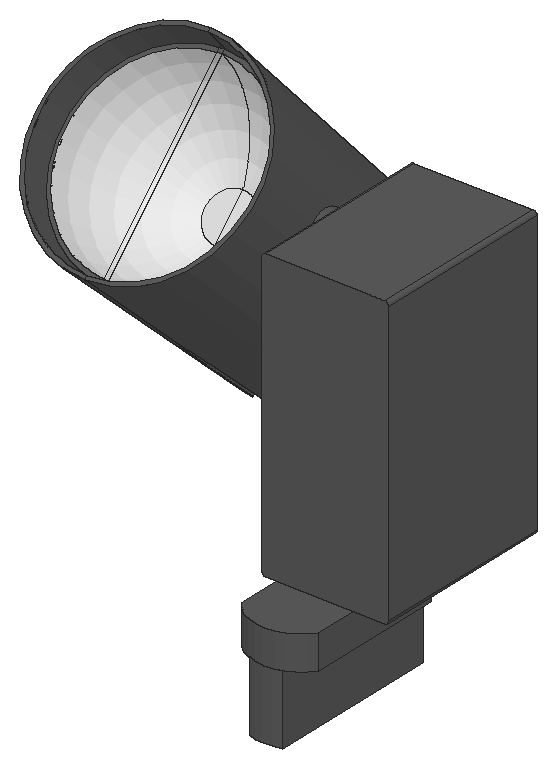
Revit family "0004835 Feilo Sylvania Lighting Fixture START TRACK SPOT S 14W 3K RA80 NB BLACK", category Lighting Fixtures, host Face, Revit 2017
Family settings
  Host = Face
  Round Connector Dimension = Use Diameter
  Part Type = Normal
  OmniClass Number = 23.80.70.00
  OmniClass Title = Lighting
  Cut with Voids When Loaded = No
  Light Source = No
  Shared = No
  Room Calculation Point = No
Parameters (values of type "0004835 START TRACK SPOT S 14W 3K RA80 NB BLACK")
  Weight = "0.94 kg"
  Wattage Comments = ""
  WarrantyStartDate [instance] = "n/a"
  WarrantyGuarantorParts = "n/a"
  WarrantyDurationUnit = "n/a"
  WarrantyDurationParts = "n/a"
  WarrantyDescription = "n/a"
  Voltage = 230 V
  URL = "http://www.sylvania-lighting.com"
  TypeName = "START TRACK SPOT S 14W 3K RA80 NB BLACK"
  TypeHead_FEILO = Start Track Spot Head : 0004835 START TRACK SPOT S 14W 3K RA80 NB BLACK
  TypeBox_FEILO = Start Track Spot Box : Type Small Black
  Type Image = <None>
  Type Comments = "n/a"
  VerticalRotation_FEILO [instance] = 0.00°
  SlideEndAngle_FEILO [instance] = VerticalRotation_FEILO + 180.00°  # 180.00°
  SerialNumber [instance] = "n/a"
  Material_3_FEILO = none
  PowerFactor = 0.92
  PowerConsumption = "14 W"
  NominalLength = 0 mm
  NominalHeight = 200 mm
  NominalDepth = 140 mm
  Name = "START TRACK SPOT S 14W 3K RA80 NB BLACK"
  ModelReference = Name  # "START TRACK SPOT S 14W 3K RA80 NB BLACK"
  ModelNumber = "0004835"
  Model = Name  # "START TRACK SPOT S 14W 3K RA80 NB BLACK"
  Material = "adc12 aluminium housing, polycarbonate diffuser"
  ManufacturerName = "Feilo Sylvania"
  Manufacturer = "Feilo Sylvania"
  LuminousEfficacy = "111 lm/W"
  LuminaireType = ""
  LightOutputRatio = "100"
  LampsType = Lamp  # "LED"
  LampNominalLuminous = "1551 lm"
  LampMacAdamStep = "3"
  LampColourTemperature = "3000 K"
  LampColourRenderingIndex = "80"
  Lamp = "LED"
  Keynote = "16500"
  InstallationDate [instance] = "n/a"
  InputVoltage = "230-240V~"
  InputNominalFrequency = "50/60 Hz"
  IngressProtection = "IP20"
  ImpactProtectionIndex = "IK02"
  IfcExportType = "IfcLightFixtureType"
  IfcExportAs = "IfcLightFixtureType"
  HorizontalRotation_FEILO [instance] = 45.00°
  ExpectedLife = 50000
  ElectricShockClassification = "Class II"
  DurationUnit = "hours"
  DocumentationLiterature = "http://www.sylvania-lighting.com/product/en-int/products/0004835"
  DimmingControlOptions = "Non dimmable"
  Material_2_FEILO = none
  Description = "Integrated LED spotlight, Textured Black - RAL9005, compact and minimalist design, ideal for retail applications, die-cast aluminium body, passive cooling heatsink. Beam angle: 12°, color temperature: 3000K , total system power: 14W, total fixture output: 1551 lm, LOR: 100%, colour rendering: Ra: 80 typical, LED Chromaticity: 3 step MacAdam ellipse, lifetime: >50000 hours at L70B50, energy class: A++, A+, A, IR/UV free light source without heat radiation, operating voltage: 220-240V / 50-60Hz, drive current: 350mA, electronic driver, non-dimmable, power factor: 0.92, electrical protection: Class II, Global Track 3 Phase adapter suitable for Global trac 3-circuit tracks, ingress protection rating: IP20, suitable for internal environment only, horizontal rotation: 355°, vertical tilt: 90°, dimensions: Ø86x140x200, weight: 0.940kg."
  Default Elevation = 1219.2 mm
  CreatedOn = "12/12/2017"
  CreatedBy = ""
  Cost = 0
  built-in parameter 1114216 [instance] = (empty or 0)
  ClassificationValue = "EF_70_80"
  ClassificationName = "Uniclass2015"
  Material_1_FEILO = Body-Sylvania-StartTrackSpot-Black
  BarCode [instance] = "n/a"
  AssetType = "Fixed"
  AssetIdentifier [instance] = "n/a"
  Assembly Code = "D5020200"
  Apparent Load = 14 VA
  Material_4_FEILO = none
Reference planes
  plane 1 "Center (Front/Back)": y = 0
  plane 2: z = 0
  plane 3 "Center (Left/Right)": x = 0
  plane 4: x = 15
  plane 5: x = -15
  plane 6: y = 35
  plane 7: y = -35
  plane 8: z = 13
  plane 9: z = -27
  plane 10: x = 6.5
  plane 11: x = -6.5
  plane 12: y = 27
  plane 13: y = -27
  plane 14: y = 20
Forms (mm)
  Extrusion 1, solid, material "Body-Sylvania-StartTrackSpot-Black" <- "Material_1_FEILO"
    sketch origin (0, 0, 0) x (1, 0, 0) y (0, 1, 0)
      loop
        line (-15, 27) -> (-15, -27)
        arc (-15, -27) -> (0, -35) -> (15, -27) r 18.062
        line (15, -27) -> (15, 27)
        arc (15, 27) -> (0, 35) -> (-15, 27) r 18.062
    from 0 to 13
  Extrusion 2, solid, material "Body-Sylvania-StartTrackSpot-Black" <- "Material_1_FEILO"
    sketch origin (0, 0, 0) x (1, 0, 0) y (0, 1, 0)
      loop
        arc (6.5, 33.79) -> (0, 35) -> (-6.5, 33.79) r 18.062
        line (-6.5, 33.79) -> (-6.5, -33.79)
        arc (-6.5, -33.79) -> (0, -35) -> (6.5, -33.79) r 18.062
        line (6.5, -33.79) -> (6.5, 33.79)
    from 0 to -27
  Revolve 3, solid, not visible
    sketch origin (1524, 20, 1219.2) x (1, 0, 0) y (0, 0, 1)
      loop
        line (-1524, -1206.2) -> (-1524, -1191.285) -> (-1530.5, -1191.285) -> (-1530.5, -1206.2) -> (-1524, -1206.2)
      axis (-1524, -1191.285) -> (-1524, -1206.2)
    angle from 0 <- "VerticalRotation_FEILO" to 180 <- "SlideEndAngle_FEILO"
Cuts and joins
  joined: Extrusion 1, Extrusion 2
Dimensions and locks
  equal spacing: plane 10, plane 3 "Center (Left/Right)", plane 11
  equal spacing: plane 4, plane 3 "Center (Left/Right)", plane 5
  locked: plane 8 to plane 2 at 13
  locked: plane 8 to plane 9 at 40
  equal spacing: plane 13, plane 1 "Center (Front/Back)", plane 12
  locked: plane 12 to plane 6 at 8
  locked: plane 14 to plane 6 at 15
  locked: Revolve 3 sketch curve to plane 8 at 14.915
  aligned and locked: plane 2 to host face
  aligned and locked: level to host face
  aligned and locked: plane 5 to Extrusion 1 sketch curve  (x2)
  aligned and locked: plane 12 to Extrusion 1 sketch curve
  aligned and locked: plane 13 to Extrusion 1 sketch curve
  aligned and locked: plane 4 to Extrusion 1 sketch curve
  aligned and locked: Extrusion 1 to plane 8
  aligned and locked: Extrusion 1 to level
  aligned and locked: Extrusion 2 sketch curve to Extrusion 1  (x2)
  aligned and locked: Extrusion 2 sketch curve to plane 11
  aligned and locked: plane 10 to Extrusion 2 sketch curve
  aligned and locked: plane 9 to Extrusion 2
  aligned and locked: level to Extrusion 2
  aligned and locked: Revolve 3 sketch curve to plane 3 "Center (Left/Right)"  (x2)
  aligned and locked: plane 11 to Revolve 3 sketch curve
  aligned and locked: Revolve 3 sketch curve to plane 8
Automatic sketch dimensions
  host sketch curve to host sketch curve = 2438.4 mm  (x2)
  Extrusion 1 sketch curve to plane 3 "Center (Left/Right)" = 0 mm  (x2)
  Extrusion 1 sketch curve to plane 13 = 10.062 mm
  plane 12 to Extrusion 1 sketch curve = 10.062 mm
  Revolve 3 sketch curve to plane 3 "Center (Left/Right)" = 0 mm
  plane 9 to Revolve 3 sketch curve = 582.6 mm
  Revolve 3 sketch curve to Revolve 3 sketch curve = 2581.144 mm
Nested families
  nested 1: "Start Track Spot Head" at (-62, 20, 112.529) x (0, 0.7071, 0.7071) z (0, 0.7071, -0.7071), type <- "TypeHead_FEILO", type "0004835 START TRACK SPOT S 14W 3K RA80 NB BLACK"
    with built-in parameter 1114216 (empty or 0)
  nested 2: "Start Track Spot Box" at (8.5, 20, 73) x (-1, 0, 0) z (0, -1, 0), BoxStartAngle_FEILO <- "HorizontalRotation_FEILO", type <- "TypeBox_FEILO", type "Type Small Black"
    with BoxStartAngle_FEILO 45.00°, BoxEndAngle_FEILO -135.00°
Connectors
  electrical at (0, 0, 0), driven by "Apparent Load", driven by "PowerFactor", driven by "Voltage"
    settings: index 1, voltage 230 V, apparent load 14 VA, apparent load phase1 0 VA, apparent load phase2 0 VA, apparent load phase3 0 VA, power factor 0.92, load classification "Lighting", number of poles 1, system type 30, power factor state 1, is connector primary yes, connector utility no, sub classification motor no, connector description ""
Definition of nested family "Start Track Spot Head"
  Parameters (values of type "0004811 START TRACK SPOT S 14W 3K RA80 NB WHITE")
    Wattage Comments = "n/a"
    Wattage = 14 W
    built-in parameter 1150110 = 1 (stored number, unit not read)
    URL = "http://www.feilosylvania.com"
    Type Image = (empty or 0)
    Type Comments = "n/a"
    built-in parameter 1114217 = 1 (stored number, unit not read)
    Tilt Angle = -90.00°
    built-in parameter 1150109 = 1 (stored number, unit not read)
    built-in parameter 1150134 = (empty or 0)
    built-in parameter 1150113 = 1 (stored number, unit not read)
    Photometric Web File = "0004811.ies"
    Material_3_FEILO = none
    Model = "START TRACK SPOT S 14W 3K RA80 NB WHITE"
    Manufacturer = "Feilo Sylvania"
    built-in parameter 1150105 = 123.66 (stored number, unit not read)
    Lumens = 1554 lm
    built-in parameter 1150115 = 1 (stored number, unit not read)
    built-in parameter 1150137 = (empty or 0)
    built-in parameter 1150139 = (empty or 0)
    built-in parameter 1150112 = 1 (stored number, unit not read)
    built-in parameter 1150114 = 1 (stored number, unit not read)
    Lamp = "LED"
    Keynote = "16500"
    Material_2_FEILO = none
    built-in parameter 1150132 = (empty or 0)
    built-in parameter 1150102 = (empty or 0)
    built-in parameter 1150107 = 3000 (stored number, unit not read)
    built-in parameter 1150138 = (empty or 0)
    built-in parameter 1150106 = 1.2366 (stored number, unit not read)
    HeadThickness_FEILO = if(HeadDiaOut_FEILO > 112 mm, 2 mm, 1.5 mm)  # 1.5 mm
    HeadRibOffset_FEILO = HeadHeight_FEILO / 28  # 4.179 mm
    HeadRibDepth_FEILO = HeadHeight_FEILO / 2.1  # 55.714 mm
    HeadRibCutWidth_FEILO = HeadDiaOut_FEILO / 12  # 7.167 mm
    HeadRibCutOffset_FEILO = HeadHeight_FEILO / 2.3  # 50.87 mm
    HeadReflectorRadius_FEILO = HeadDiaOut_FEILO / 1.7  # 50.588 mm
    HeadReflectorOffset_FEILO = HeadHeight_FEILO / 2.1  # 55.714 mm
    HeadLEDRadius_FEILO = HeadDiaOut_FEILO / 9  # 9.556 mm
    HeadHeight_FEILO = 117 mm
    HeadDraft_FEILO = 1 mm
    HeadDiffusorThickness_FEILO = 3 mm
    HeadDiffusorOffset_FEILO = HeadHeight_FEILO / 12.4  # 9.435 mm
    HeadDiaOut_FEILO = 86 mm
    HeadDiaIn_FEILO = HeadDiaOut_FEILO / 1.11  # 77.477 mm
    HeadAxisFromTop_FEILO = HeadHeight_FEILO / 1.687  # 69.354 mm
    Emit from Circle Diameter = HeadDiaIn_FEILO  # 77.477 mm
    Emit Shape Visible in Rendering = no
    built-in parameter 1150104 = 10.312 (stored number, unit not read)
    Dimming Lamp Color Temperature Shift = (empty or 0)
    Description = "Integrated LED spotlight, Textured White - RAL9016, compact and minimalist design, ideal for retail applications, die-cast aluminium body, passive cooling heatsink. Beam angle: 12°, color temperature: 3000K , total system power: 14W, total fixture output: 1551 lm, LOR: 100%, colour rendering: Ra: 80 typical, LED Chromaticity: 3 step MacAdam ellipse, lifetime: >50000 hours at L70B50, energy class: A++, A+, A, IR/UV free light source without heat radiation, operating voltage: 220-240V / 50-60Hz, drive current: 350mA, electronic driver, non-dimmable, power factor: 0.92, electrical protection: Class II, Global Track 3 Phase adapter suitable for Global trac 3-circuit tracks, ingress protection rating: IP20, suitable for internal environment only, horizontal rotation: 355°, vertical tilt: 90°, dimensions: Ø86x140x200, weight: 0.940kg."
    Default Elevation = 1219.2 mm
    Cost = 0
    Color Filter = 16777215
    built-in parameter 1114216 [instance] = (empty or 0)
    Material_1_FEILO = none
    built-in parameter 1114218 = 1 (stored number, unit not read)
    built-in parameter 1150133 = 10 (stored number, unit not read)
    Assembly Code = "D5020200"
    Apparent Load = 14 VA
    Material_4_FEILO = none
  Types (96, lengths in mm): name | Wattage | built-in parameter 1150134 | Photometric Web File | Model | built-in parameter 1150105 | Lumens | built-in parameter 1150107 | built-in parameter 1150106 | HeadThickness_FEILO | HeadRibOffset_FEILO | HeadRibDepth_FEILO | HeadRibCutWidth_FEILO | HeadRibCutOffset_FEILO | HeadReflectorRadius_FEILO | HeadReflectorOffset_FEILO | HeadLEDRadius_FEILO | HeadHeight_FEILO | HeadDiffusorOffset_FEILO | HeadDiaOut_FEILO | HeadDiaIn_FEILO | HeadAxisFromTop_FEILO | Emit from Circle Diameter | built-in parameter 1150104 | Description | Apparent Load
    0004906 START TRACK SPOT L 55W 4K RA90 WB BLACK | 55 W | 12 | "0004906.ies" | "START TRACK SPOT L 55W 4K RA90 WB BLACK" | 385.15 (stored number, unit not read) | 4840 lm | 4000 (stored number, unit not read) | 3.8515 (stored number, unit not read) | 2 | 4.429 | 59.048 | 9.417 | 53.913 | 66.471 | 59.048 | 12.556 | 124 | 10 | 113 | 101.802 | 73.503 | 101.802 | 8.1755 (stored number, unit not read) | "Integrated LED spotlight, Textured Black - RAL9005, compact and minimalist design, ideal for retail applications, die-cast aluminium body, passive cooling heatsink. Beam angle: 52°, color temperature: 4000K , total system power: 55W, total fixture output: 4824 lm, LOR: 100%, colour rendering: Ra: 90 typical, LED Chromaticity: 3 step MacAdam ellipse, lifetime: >50000 hours at L70B50, energy class: A++, A+, A, IR/UV free light source without heat radiation, operating voltage: 220-240V / 50-60Hz, drive current: 1400mA, electronic driver, non-dimmable, power factor: 0.96, electrical protection: Class II, Global Track 3 Phase adapter suitable for Global trac 3-circuit tracks, ingress protection rating: IP20, suitable for internal environment only, horizontal rotation: 355°, vertical tilt: 90°, dimensions: Ø113x164x240, weight: 1.398kg." | 55 VA
    0004905 START TRACK SPOT L 55W 4K RA90 MB BLACK | 55 W | 12 | "0004905.ies" | "START TRACK SPOT L 55W 4K RA90 MB BLACK" | 389.53 (stored number, unit not read) | 4895 lm | 4000 (stored number, unit not read) | 3.8953 (stored number, unit not read) | 2 | 4.429 | 59.048 | 9.417 | 53.913 | 66.471 | 59.048 | 12.556 | 124 | 10 | 113 | 101.802 | 73.503 | 101.802 | 8.2684 (stored number, unit not read) | "Integrated LED spotlight, Textured Black - RAL9005, compact and minimalist design, ideal for retail applications, die-cast aluminium body, passive cooling heatsink. Beam angle: 38°, color temperature: 4000K , total system power: 55W, total fixture output: 4897 lm, LOR: 100%, colour rendering: Ra: 90 typical, LED Chromaticity: 3 step MacAdam ellipse, lifetime: >50000 hours at L70B50, energy class: A++, A+, A, IR/UV free light source without heat radiation, operating voltage: 220-240V / 50-60Hz, drive current: 1400mA, electronic driver, non-dimmable, power factor: 0.96, electrical protection: Class II, Global Track 3 Phase adapter suitable for Global trac 3-circuit tracks, ingress protection rating: IP20, suitable for internal environment only, horizontal rotation: 355°, vertical tilt: 90°, dimensions: Ø113x164x240, weight: 1.398kg." | 55 VA
    0004904 START TRACK SPOT L 55W 4K RA90 NB BLACK | 55 W | 12 | "0004904.ies" | "START TRACK SPOT L 55W 4K RA90 NB BLACK" | 393.91 (stored number, unit not read) | 4950 lm | 4000 (stored number, unit not read) | 3.9391 (stored number, unit not read) | 2 | 4.429 | 59.048 | 9.417 | 53.913 | 66.471 | 59.048 | 12.556 | 124 | 10 | 113 | 101.802 | 73.503 | 101.802 | 8.3613 (stored number, unit not read) | "Integrated LED spotlight, Textured Black - RAL9005, compact and minimalist design, ideal for retail applications, die-cast aluminium body, passive cooling heatsink. Beam angle: 15°, color temperature: 4000K , total system power: 55W, total fixture output: 4965 lm, LOR: 100%, colour rendering: Ra: 90 typical, LED Chromaticity: 3 step MacAdam ellipse, lifetime: >50000 hours at L70B50, energy class: A++, A+, A, IR/UV free light source without heat radiation, operating voltage: 220-240V / 50-60Hz, drive current: 1400mA, electronic driver, non-dimmable, power factor: 0.96, electrical protection: Class II, Global Track 3 Phase adapter suitable for Global trac 3-circuit tracks, ingress protection rating: IP20, suitable for internal environment only, horizontal rotation: 355°, vertical tilt: 90°, dimensions: Ø113x164x240, weight: 1.398kg." | 55 VA
    0004903 START TRACK SPOT L 35W 4K RA90 WB BLACK | 35 W | 12 | "0004903.ies" | "START TRACK SPOT L 35W 4K RA90 WB BLACK" | 284.09 (stored number, unit not read) | 3570 lm | 4000 (stored number, unit not read) | 2.8409 (stored number, unit not read) | 2 | 4.429 | 59.048 | 9.417 | 53.913 | 66.471 | 59.048 | 12.556 | 124 | 10 | 113 | 101.802 | 73.503 | 101.802 | 9.4761 (stored number, unit not read) | "Integrated LED spotlight, Textured Black - RAL9005, compact and minimalist design, ideal for retail applications, die-cast aluminium body, passive cooling heatsink. Beam angle: 52°, color temperature: 4000K , total system power: 35W, total fixture output: 3562 lm, LOR: 100%, colour rendering: Ra: 90 typical, LED Chromaticity: 3 step MacAdam ellipse, lifetime: >50000 hours at L70B50, energy class: A++, A+, A, IR/UV free light source without heat radiation, operating voltage: 220-240V / 50-60Hz, drive current: 900mA, electronic driver, non-dimmable, power factor: 0.93, electrical protection: Class II, Global Track 3 Phase adapter suitable for Global trac 3-circuit tracks, ingress protection rating: IP20, suitable for internal environment only, horizontal rotation: 355°, vertical tilt: 90°, dimensions: Ø113x164x240, weight: 1.368kg." | 35 VA
    0004902 START TRACK SPOT L 35W 4K RA90 MB BLACK | 35 W | 12 | "0004902.ies" | "START TRACK SPOT L 35W 4K RA90 MB BLACK" | 286.88 (stored number, unit not read) | 3605 lm | 4000 (stored number, unit not read) | 2.8688 (stored number, unit not read) | 2 | 4.429 | 59.048 | 9.417 | 53.913 | 66.471 | 59.048 | 12.556 | 124 | 10 | 113 | 101.802 | 73.503 | 101.802 | 9.569 (stored number, unit not read) | "Integrated LED spotlight, Textured Black - RAL9005, compact and minimalist design, ideal for retail applications, die-cast aluminium body, passive cooling heatsink. Beam angle: 38°, color temperature: 4000K , total system power: 35W, total fixture output: 3616 lm, LOR: 100%, colour rendering: Ra: 90 typical, LED Chromaticity: 3 step MacAdam ellipse, lifetime: >50000 hours at L70B50, energy class: A++, A+, A, IR/UV free light source without heat radiation, operating voltage: 220-240V / 50-60Hz, drive current: 900mA, electronic driver, non-dimmable, power factor: 0.93, electrical protection: Class II, Global Track 3 Phase adapter suitable for Global trac 3-circuit tracks, ingress protection rating: IP20, suitable for internal environment only, horizontal rotation: 355°, vertical tilt: 90°, dimensions: Ø113x164x240, weight: 1.368kg." | 35 VA
    0004901 START TRACK SPOT L 35W 4K RA90 NB BLACK | 35 W | 12 | "0004901.ies" | "START TRACK SPOT L 35W 4K RA90 NB BLACK" | 286.88 (stored number, unit not read) | 3605 lm | 4000 (stored number, unit not read) | 2.8688 (stored number, unit not read) | 2 | 4.429 | 59.048 | 9.417 | 53.913 | 66.471 | 59.048 | 12.556 | 124 | 10 | 113 | 101.802 | 73.503 | 101.802 | 9.569 (stored number, unit not read) | "Integrated LED spotlight, Textured Black - RAL9005, compact and minimalist design, ideal for retail applications, die-cast aluminium body, passive cooling heatsink. Beam angle: 15°, color temperature: 4000K , total system power: 35W, total fixture output: 3593 lm, LOR: 100%, colour rendering: Ra: 90 typical, LED Chromaticity: 3 step MacAdam ellipse, lifetime: >50000 hours at L70B50, energy class: A++, A+, A, IR/UV free light source without heat radiation, operating voltage: 220-240V / 50-60Hz, drive current: 900mA, electronic driver, non-dimmable, power factor: 0.93, electrical protection: Class II, Global Track 3 Phase adapter suitable for Global trac 3-circuit tracks, ingress protection rating: IP20, suitable for internal environment only, horizontal rotation: 355°, vertical tilt: 90°, dimensions: Ø113x164x240, weight: 1.368kg." | 35 VA
    0004900 START TRACK SPOT S 24W 4K RA90 WB BLACK | 24 W | 12 | "0004900.ies" | "START TRACK SPOT S 24W 4K RA90 WB BLACK" | 166.16 (stored number, unit not read) | 2088 lm | 4000 (stored number, unit not read) | 1.6616 (stored number, unit not read) | 1.5 | 4.179 | 55.714 | 7.167 | 50.87 | 50.588 | 55.714 | 9.556 | 117 | 9.435 | 86 | 77.477 | 69.354 | 77.477 | 8.0826 (stored number, unit not read) | "Integrated LED spotlight, Textured Black - RAL9005, compact and minimalist design, ideal for retail applications, die-cast aluminium body, passive cooling heatsink. Beam angle: 64°, color temperature: 4000K , total system power: 24W, total fixture output: 2087 lm, LOR: 100%, colour rendering: Ra: 90 typical, LED Chromaticity: 3 step MacAdam ellipse, lifetime: >50000 hours at L70B50, energy class: A++, A+, A, IR/UV free light source without heat radiation, operating voltage: 220-240V / 50-60Hz, drive current: 600mA, electronic driver, non-dimmable, power factor: 0.95, electrical protection: Class II, Global Track 3 Phase adapter suitable for Global trac 3-circuit tracks, ingress protection rating: IP20, suitable for internal environment only, horizontal rotation: 355°, vertical tilt: 90°, dimensions: Ø86x140x200, weight: 0.966kg." | 24 VA
    0004899 START TRACK SPOT S 24W 4K RA90 MB BLACK | 24 W | 12 | "0004899.ies" | "START TRACK SPOT S 24W 4K RA90 MB BLACK" | 169.98 (stored number, unit not read) | 2136 lm | 4000 (stored number, unit not read) | 1.6998 (stored number, unit not read) | 1.5 | 4.179 | 55.714 | 7.167 | 50.87 | 50.588 | 55.714 | 9.556 | 117 | 9.435 | 86 | 77.477 | 69.354 | 77.477 | 8.2684 (stored number, unit not read) | "Integrated LED spotlight, Textured Black - RAL9005, compact and minimalist design, ideal for retail applications, die-cast aluminium body, passive cooling heatsink. Beam angle: 36°, color temperature: 4000K , total system power: 24W, total fixture output: 2141 lm, LOR: 100%, colour rendering: Ra: 90 typical, LED Chromaticity: 3 step MacAdam ellipse, lifetime: >50000 hours at L70B50, energy class: A++, A+, A, IR/UV free light source without heat radiation, operating voltage: 220-240V / 50-60Hz, drive current: 600mA, electronic driver, non-dimmable, power factor: 0.95, electrical protection: Class II, Global Track 3 Phase adapter suitable for Global trac 3-circuit tracks, ingress protection rating: IP20, suitable for internal environment only, horizontal rotation: 355°, vertical tilt: 90°, dimensions: Ø86x140x200, weight: 0.966kg." | 24 VA
    0004898 START TRACK SPOT S 24W 4K RA90 NB BLACK | 24 W | 12 | "0004898.ies" | "START TRACK SPOT S 24W 4K RA90 NB BLACK" | 171.89 (stored number, unit not read) | 2160 lm | 4000 (stored number, unit not read) | 1.7189 (stored number, unit not read) | 1.5 | 4.179 | 55.714 | 7.167 | 50.87 | 50.588 | 55.714 | 9.556 | 117 | 9.435 | 86 | 77.477 | 69.354 | 77.477 | 8.3613 (stored number, unit not read) | "Integrated LED spotlight, Textured Black - RAL9005, compact and minimalist design, ideal for retail applications, die-cast aluminium body, passive cooling heatsink. Beam angle: 12°, color temperature: 4000K , total system power: 24W, total fixture output: 2155 lm, LOR: 100%, colour rendering: Ra: 90 typical, LED Chromaticity: 3 step MacAdam ellipse, lifetime: >50000 hours at L70B50, energy class: A++, A+, A, IR/UV free light source without heat radiation, operating voltage: 220-240V / 50-60Hz, drive current: 600mA, electronic driver, non-dimmable, power factor: 0.95, electrical protection: Class II, Global Track 3 Phase adapter suitable for Global trac 3-circuit tracks, ingress protection rating: IP20, suitable for internal environment only, horizontal rotation: 355°, vertical tilt: 90°, dimensions: Ø86x140x200, weight: 0.966kg." | 24 VA
    0004897 START TRACK SPOT S 14W 4K RA90 WB BLACK | 14 W | 12 | "0004897.ies" | "START TRACK SPOT S 14W 4K RA90 WB BLACK" | 108.07 (stored number, unit not read) | 1358 lm | 4000 (stored number, unit not read) | 1.0807 (stored number, unit not read) | 1.5 | 4.179 | 55.714 | 7.167 | 50.87 | 50.588 | 55.714 | 9.556 | 117 | 9.435 | 86 | 77.477 | 69.354 | 77.477 | 9.0116 (stored number, unit not read) | "Integrated LED spotlight, Textured Black - RAL9005, compact and minimalist design, ideal for retail applications, die-cast aluminium body, passive cooling heatsink. Beam angle: 64°, color temperature: 4000K , total system power: 14W, total fixture output: 1352 lm, LOR: 100%, colour rendering: Ra: 90 typical, LED Chromaticity: 3 step MacAdam ellipse, lifetime: >50000 hours at L70B50, energy class: A++, A+, A, IR/UV free light source without heat radiation, operating voltage: 220-240V / 50-60Hz, drive current: 350mA, electronic driver, non-dimmable, power factor: 0.92, electrical protection: Class II, Global Track 3 Phase adapter suitable for Global trac 3-circuit tracks, ingress protection rating: IP20, suitable for internal environment only, horizontal rotation: 355°, vertical tilt: 90°, dimensions: Ø86x140x200, weight: 0.940kg." | 14 VA
    0004896 START TRACK SPOT S 14W 4K RA90 MB BLACK | 14 W | 12 | "0004896.ies" | "START TRACK SPOT S 14W 4K RA90 MB BLACK" | 108.07 (stored number, unit not read) | 1358 lm | 4000 (stored number, unit not read) | 1.0807 (stored number, unit not read) | 1.5 | 4.179 | 55.714 | 7.167 | 50.87 | 50.588 | 55.714 | 9.556 | 117 | 9.435 | 86 | 77.477 | 69.354 | 77.477 | 9.0116 (stored number, unit not read) | "Integrated LED spotlight, Textured Black - RAL9005, compact and minimalist design, ideal for retail applications, die-cast aluminium body, passive cooling heatsink. Beam angle: 36°, color temperature: 4000K , total system power: 14W, total fixture output: 1359 lm, LOR: 100%, colour rendering: Ra: 90 typical, LED Chromaticity: 3 step MacAdam ellipse, lifetime: >50000 hours at L70B50, energy class: A++, A+, A, IR/UV free light source without heat radiation, operating voltage: 220-240V / 50-60Hz, drive current: 350mA, electronic driver, non-dimmable, power factor: 0.92, electrical protection: Class II, Global Track 3 Phase adapter suitable for Global trac 3-circuit tracks, ingress protection rating: IP20, suitable for internal environment only, horizontal rotation: 355°, vertical tilt: 90°, dimensions: Ø86x140x200, weight: 0.940kg." | 14 VA
    0004895 START TRACK SPOT S 14W 4K RA90 NB BLACK | 14 W | 12 | "0004895.ies" | "START TRACK SPOT S 14W 4K RA90 NB BLACK" | 106.95 (stored number, unit not read) | 1344 lm | 4000 (stored number, unit not read) | 1.0695 (stored number, unit not read) | 1.5 | 4.179 | 55.714 | 7.167 | 50.87 | 50.588 | 55.714 | 9.556 | 117 | 9.435 | 86 | 77.477 | 69.354 | 77.477 | 8.9187 (stored number, unit not read) | "Integrated LED spotlight, Textured Black - RAL9005, compact and minimalist design, ideal for retail applications, die-cast aluminium body, passive cooling heatsink. Beam angle: 12°, color temperature: 4000K , total system power: 14W, total fixture output: 1349 lm, LOR: 100%, colour rendering: Ra: 90 typical, LED Chromaticity: 3 step MacAdam ellipse, lifetime: >50000 hours at L70B50, energy class: A++, A+, A, IR/UV free light source without heat radiation, operating voltage: 220-240V / 50-60Hz, drive current: 350mA, electronic driver, non-dimmable, power factor: 0.92, electrical protection: Class II, Global Track 3 Phase adapter suitable for Global trac 3-circuit tracks, ingress protection rating: IP20, suitable for internal environment only, horizontal rotation: 355°, vertical tilt: 90°, dimensions: Ø86x140x200, weight: 0.940kg." | 14 VA
    0004894 START TRACK SPOT L 55W 3K RA90 WB BLACK | 55 W | (empty or 0) | "0004894.ies" | "START TRACK SPOT L 55W 3K RA90 WB BLACK" | 350.14 (stored number, unit not read) | 4400 lm | 3000 (stored number, unit not read) | 3.5014 (stored number, unit not read) | 2 | 4.429 | 59.048 | 9.417 | 53.913 | 66.471 | 59.048 | 12.556 | 124 | 10 | 113 | 101.802 | 73.503 | 101.802 | 7.4322 (stored number, unit not read) | "Integrated LED spotlight, Textured Black - RAL9005, compact and minimalist design, ideal for retail applications, die-cast aluminium body, passive cooling heatsink. Beam angle: 52°, color temperature: 3000K , total system power: 55W, total fixture output: 4405 lm, LOR: 100%, colour rendering: Ra: 90 typical, LED Chromaticity: 3 step MacAdam ellipse, lifetime: >50000 hours at L70B50, energy class: A++, A+, A, IR/UV free light source without heat radiation, operating voltage: 220-240V / 50-60Hz, drive current: 1400mA, electronic driver, non-dimmable, power factor: 0.96, electrical protection: Class II, Global Track 3 Phase adapter suitable for Global trac 3-circuit tracks, ingress protection rating: IP20, suitable for internal environment only, horizontal rotation: 355°, vertical tilt: 90°, dimensions: Ø113x164x240, weight: 1.398kg." | 55 VA
    0004893 START TRACK SPOT L 55W 3K RA90 MB BLACK | 55 W | (empty or 0) | "0004893.ies" | "START TRACK SPOT L 55W 3K RA90 MB BLACK" | 354.52 (stored number, unit not read) | 4455 lm | 3000 (stored number, unit not read) | 3.5452 (stored number, unit not read) | 2 | 4.429 | 59.048 | 9.417 | 53.913 | 66.471 | 59.048 | 12.556 | 124 | 10 | 113 | 101.802 | 73.503 | 101.802 | 7.5251 (stored number, unit not read) | "Integrated LED spotlight, Textured Black - RAL9005, compact and minimalist design, ideal for retail applications, die-cast aluminium body, passive cooling heatsink. Beam angle: 38°, color temperature: 3000K , total system power: 55W, total fixture output: 4448 lm, LOR: 100%, colour rendering: Ra: 90 typical, LED Chromaticity: 3 step MacAdam ellipse, lifetime: >50000 hours at L70B50, energy class: A++, A+, A, IR/UV free light source without heat radiation, operating voltage: 220-240V / 50-60Hz, drive current: 1400mA, electronic driver, non-dimmable, power factor: 0.96, electrical protection: Class II, Global Track 3 Phase adapter suitable for Global trac 3-circuit tracks, ingress protection rating: IP20, suitable for internal environment only, horizontal rotation: 355°, vertical tilt: 90°, dimensions: Ø113x164x240, weight: 1.398kg." | 55 VA
    0004892 START TRACK SPOT L 55W 3K RA90 NB BLACK | 55 W | (empty or 0) | "0004892.ies" | "START TRACK SPOT L 55W 3K RA90 NB BLACK" | 350.14 (stored number, unit not read) | 4400 lm | 3000 (stored number, unit not read) | 3.5014 (stored number, unit not read) | 2 | 4.429 | 59.048 | 9.417 | 53.913 | 66.471 | 59.048 | 12.556 | 124 | 10 | 113 | 101.802 | 73.503 | 101.802 | 7.4322 (stored number, unit not read) | "Integrated LED spotlight, Textured Black - RAL9005, compact and minimalist design, ideal for retail applications, die-cast aluminium body, passive cooling heatsink. Beam angle: 15°, color temperature: 3000K , total system power: 55W, total fixture output: 4416 lm, LOR: 100%, colour rendering: Ra: 90 typical, LED Chromaticity: 3 step MacAdam ellipse, lifetime: >50000 hours at L70B50, energy class: A++, A+, A, IR/UV free light source without heat radiation, operating voltage: 220-240V / 50-60Hz, drive current: 1400mA, electronic driver, non-dimmable, power factor: 0.96, electrical protection: Class II, Global Track 3 Phase adapter suitable for Global trac 3-circuit tracks, ingress protection rating: IP20, suitable for internal environment only, horizontal rotation: 355°, vertical tilt: 90°, dimensions: Ø113x164x240, weight: 1.398kg." | 55 VA
    0004891 START TRACK SPOT L 35W 3K RA90 WB BLACK | 35 W | (empty or 0) | "0004891.ies" | "START TRACK SPOT L 35W 3K RA90 WB BLACK" | 259.02 (stored number, unit not read) | 3255 lm | 3000 (stored number, unit not read) | 2.5902 (stored number, unit not read) | 2 | 4.429 | 59.048 | 9.417 | 53.913 | 66.471 | 59.048 | 12.556 | 124 | 10 | 113 | 101.802 | 73.503 | 101.802 | 8.64 (stored number, unit not read) | "Integrated LED spotlight, Textured Black - RAL9005, compact and minimalist design, ideal for retail applications, die-cast aluminium body, passive cooling heatsink. Beam angle: 52°, color temperature: 3000K , total system power: 35W, total fixture output: 3260 lm, LOR: 100%, colour rendering: Ra: 90 typical, LED Chromaticity: 3 step MacAdam ellipse, lifetime: >50000 hours at L70B50, energy class: A++, A+, A, IR/UV free light source without heat radiation, operating voltage: 220-240V / 50-60Hz, drive current: 900mA, electronic driver, non-dimmable, power factor: 0.93, electrical protection: Class II, Global Track 3 Phase adapter suitable for Global trac 3-circuit tracks, ingress protection rating: IP20, suitable for internal environment only, horizontal rotation: 355°, vertical tilt: 90°, dimensions: Ø113x164x240, weight: 1.368kg." | 35 VA
    0004890 START TRACK SPOT L 35W 3K RA90 MB BLACK | 35 W | (empty or 0) | "0004890.ies" | "START TRACK SPOT L 35W 3K RA90 MB BLACK" | 261.81 (stored number, unit not read) | 3290 lm | 3000 (stored number, unit not read) | 2.6181 (stored number, unit not read) | 2 | 4.429 | 59.048 | 9.417 | 53.913 | 66.471 | 59.048 | 12.556 | 124 | 10 | 113 | 101.802 | 73.503 | 101.802 | 8.7329 (stored number, unit not read) | "Integrated LED spotlight, Textured Black - RAL9005, compact and minimalist design, ideal for retail applications, die-cast aluminium body, passive cooling heatsink. Beam angle: 38°, color temperature: 3000K , total system power: 35W, total fixture output: 3306 lm, LOR: 100%, colour rendering: Ra: 90 typical, LED Chromaticity: 3 step MacAdam ellipse, lifetime: >50000 hours at L70B50, energy class: A++, A+, A, IR/UV free light source without heat radiation, operating voltage: 220-240V / 50-60Hz, drive current: 900mA, electronic driver, non-dimmable, power factor: 0.93, electrical protection: Class II, Global Track 3 Phase adapter suitable for Global trac 3-circuit tracks, ingress protection rating: IP20, suitable for internal environment only, horizontal rotation: 355°, vertical tilt: 90°, dimensions: Ø113x164x240, weight: 1.368kg." | 35 VA
    0004889 START TRACK SPOT L 35W 3K RA90 NB BLACK | 35 W | (empty or 0) | "0004889.ies" | "START TRACK SPOT L 35W 3K RA90 NB BLACK" | 261.81 (stored number, unit not read) | 3290 lm | 3000 (stored number, unit not read) | 2.6181 (stored number, unit not read) | 2 | 4.429 | 59.048 | 9.417 | 53.913 | 66.471 | 59.048 | 12.556 | 124 | 10 | 113 | 101.802 | 73.503 | 101.802 | 8.7329 (stored number, unit not read) | "Integrated LED spotlight, Textured Black - RAL9005, compact and minimalist design, ideal for retail applications, die-cast aluminium body, passive cooling heatsink. Beam angle: 15°, color temperature: 3000K , total system power: 35W, total fixture output: 3287 lm, LOR: 100%, colour rendering: Ra: 90 typical, LED Chromaticity: 3 step MacAdam ellipse, lifetime: >50000 hours at L70B50, energy class: A++, A+, A, IR/UV free light source without heat radiation, operating voltage: 220-240V / 50-60Hz, drive current: 900mA, electronic driver, non-dimmable, power factor: 0.93, electrical protection: Class II, Global Track 3 Phase adapter suitable for Global trac 3-circuit tracks, ingress protection rating: IP20, suitable for internal environment only, horizontal rotation: 355°, vertical tilt: 90°, dimensions: Ø113x164x240, weight: 1.368kg." | 35 VA
    0004888 START TRACK SPOT S 24W 3K RA90 WB BLACK | 24 W | (empty or 0) | "0004888.ies" | "START TRACK SPOT S 24W 3K RA90 WB BLACK" | 152.79 (stored number, unit not read) | 1920 lm | 3000 (stored number, unit not read) | 1.5279 (stored number, unit not read) | 1.5 | 4.179 | 55.714 | 7.167 | 50.87 | 50.588 | 55.714 | 9.556 | 117 | 9.435 | 86 | 77.477 | 69.354 | 77.477 | 7.4322 (stored number, unit not read) | "Integrated LED spotlight, Textured Black - RAL9005, compact and minimalist design, ideal for retail applications, die-cast aluminium body, passive cooling heatsink. Beam angle: 64°, color temperature: 3000K , total system power: 24W, total fixture output: 1928 lm, LOR: 100%, colour rendering: Ra: 90 typical, LED Chromaticity: 3 step MacAdam ellipse, lifetime: >50000 hours at L70B50, energy class: A++, A+, A, IR/UV free light source without heat radiation, operating voltage: 220-240V / 50-60Hz, drive current: 600mA, electronic driver, non-dimmable, power factor: 0.95, electrical protection: Class II, Global Track 3 Phase adapter suitable for Global trac 3-circuit tracks, ingress protection rating: IP20, suitable for internal environment only, horizontal rotation: 355°, vertical tilt: 90°, dimensions: Ø86x140x200, weight: 0.966kg." | 24 VA
    0004887 START TRACK SPOT S 24W 3K RA90 MB BLACK | 24 W | (empty or 0) | "0004887.ies" | "START TRACK SPOT S 24W 3K RA90 MB BLACK" | 154.7 (stored number, unit not read) | 1944 lm | 3000 (stored number, unit not read) | 1.547 (stored number, unit not read) | 1.5 | 4.179 | 55.714 | 7.167 | 50.87 | 50.588 | 55.714 | 9.556 | 117 | 9.435 | 86 | 77.477 | 69.354 | 77.477 | 7.5251 (stored number, unit not read) | "Integrated LED spotlight, Textured Black - RAL9005, compact and minimalist design, ideal for retail applications, die-cast aluminium body, passive cooling heatsink. Beam angle: 36°, color temperature: 3000K , total system power: 24W, total fixture output: 1944 lm, LOR: 100%, colour rendering: Ra: 90 typical, LED Chromaticity: 3 step MacAdam ellipse, lifetime: >50000 hours at L70B50, energy class: A++, A+, A, IR/UV free light source without heat radiation, operating voltage: 220-240V / 50-60Hz, drive current: 600mA, electronic driver, non-dimmable, power factor: 0.95, electrical protection: Class II, Global Track 3 Phase adapter suitable for Global trac 3-circuit tracks, ingress protection rating: IP20, suitable for internal environment only, horizontal rotation: 355°, vertical tilt: 90°, dimensions: Ø86x140x200, weight: 0.966kg." | 24 VA
    0004886 START TRACK SPOT S 24W 3K RA90 NB BLACK | 24 W | (empty or 0) | "0004886.ies" | "START TRACK SPOT S 24W 3K RA90 NB BLACK" | 158.52 (stored number, unit not read) | 1992 lm | 3000 (stored number, unit not read) | 1.5852 (stored number, unit not read) | 1.5 | 4.179 | 55.714 | 7.167 | 50.87 | 50.588 | 55.714 | 9.556 | 117 | 9.435 | 86 | 77.477 | 69.354 | 77.477 | 7.711 (stored number, unit not read) | "Integrated LED spotlight, Textured Black - RAL9005, compact and minimalist design, ideal for retail applications, die-cast aluminium body, passive cooling heatsink. Beam angle: 12°, color temperature: 3000K , total system power: 24W, total fixture output: 1987 lm, LOR: 100%, colour rendering: Ra: 90 typical, LED Chromaticity: 3 step MacAdam ellipse, lifetime: >50000 hours at L70B50, energy class: A++, A+, A, IR/UV free light source without heat radiation, operating voltage: 220-240V / 50-60Hz, drive current: 600mA, electronic driver, non-dimmable, power factor: 0.95, electrical protection: Class II, Global Track 3 Phase adapter suitable for Global trac 3-circuit tracks, ingress protection rating: IP20, suitable for internal environment only, horizontal rotation: 355°, vertical tilt: 90°, dimensions: Ø86x140x200, weight: 0.966kg." | 24 VA
    0004885 START TRACK SPOT S 14W 3K RA90 WB BLACK | 14 W | (empty or 0) | "0004885.ies" | "START TRACK SPOT S 14W 3K RA90 WB BLACK" | 100.27 (stored number, unit not read) | 1260 lm | 3000 (stored number, unit not read) | 1.0027 (stored number, unit not read) | 1.5 | 4.179 | 55.714 | 7.167 | 50.87 | 50.588 | 55.714 | 9.556 | 117 | 9.435 | 86 | 77.477 | 69.354 | 77.477 | 8.3613 (stored number, unit not read) | "Integrated LED spotlight, Textured Black - RAL9005, compact and minimalist design, ideal for retail applications, die-cast aluminium body, passive cooling heatsink. Beam angle: 64°, color temperature: 3000K , total system power: 14W, total fixture output: 1262 lm, LOR: 100%, colour rendering: Ra: 90 typical, LED Chromaticity: 3 step MacAdam ellipse, lifetime: >50000 hours at L70B50, energy class: A++, A+, A, IR/UV free light source without heat radiation, operating voltage: 220-240V / 50-60Hz, drive current: 350mA, electronic driver, non-dimmable, power factor: 0.92, electrical protection: Class II, Global Track 3 Phase adapter suitable for Global trac 3-circuit tracks, ingress protection rating: IP20, suitable for internal environment only, horizontal rotation: 355°, vertical tilt: 90°, dimensions: Ø86x140x200, weight: 0.940kg." | 14 VA
    0004884 START TRACK SPOT S 14W 3K RA90 MB BLACK | 14 W | (empty or 0) | "0004884.ies" | "START TRACK SPOT S 14W 3K RA90 MB BLACK" | 100.27 (stored number, unit not read) | 1260 lm | 3000 (stored number, unit not read) | 1.0027 (stored number, unit not read) | 1.5 | 4.179 | 55.714 | 7.167 | 50.87 | 50.588 | 55.714 | 9.556 | 117 | 9.435 | 86 | 77.477 | 69.354 | 77.477 | 8.3613 (stored number, unit not read) | "Integrated LED spotlight, Textured Black - RAL9005, compact and minimalist design, ideal for retail applications, die-cast aluminium body, passive cooling heatsink. Beam angle: 36°, color temperature: 3000K , total system power: 14W, total fixture output: 1262 lm, LOR: 100%, colour rendering: Ra: 90 typical, LED Chromaticity: 3 step MacAdam ellipse, lifetime: >50000 hours at L70B50, energy class: A++, A+, A, IR/UV free light source without heat radiation, operating voltage: 220-240V / 50-60Hz, drive current: 350mA, electronic driver, non-dimmable, power factor: 0.92, electrical protection: Class II, Global Track 3 Phase adapter suitable for Global trac 3-circuit tracks, ingress protection rating: IP20, suitable for internal environment only, horizontal rotation: 355°, vertical tilt: 90°, dimensions: Ø86x140x200, weight: 0.940kg." | 14 VA
    0004883 START TRACK SPOT S 14W 3K RA90 NB BLACK | 14 W | (empty or 0) | "0004883.ies" | "START TRACK SPOT S 14W 3K RA90 NB BLACK" | 102.5 (stored number, unit not read) | 1288 lm | 3000 (stored number, unit not read) | 1.025 (stored number, unit not read) | 1.5 | 4.179 | 55.714 | 7.167 | 50.87 | 50.588 | 55.714 | 9.556 | 117 | 9.435 | 86 | 77.477 | 69.354 | 77.477 | 8.5471 (stored number, unit not read) | "Integrated LED spotlight, Textured Black - RAL9005, compact and minimalist design, ideal for retail applications, die-cast aluminium body, passive cooling heatsink. Beam angle: 12°, color temperature: 3000K , total system power: 14W, total fixture output: 1284 lm, LOR: 100%, colour rendering: Ra: 90 typical, LED Chromaticity: 3 step MacAdam ellipse, lifetime: >50000 hours at L70B50, energy class: A++, A+, A, IR/UV free light source without heat radiation, operating voltage: 220-240V / 50-60Hz, drive current: 350mA, electronic driver, non-dimmable, power factor: 0.92, electrical protection: Class II, Global Track 3 Phase adapter suitable for Global trac 3-circuit tracks, ingress protection rating: IP20, suitable for internal environment only, horizontal rotation: 355°, vertical tilt: 90°, dimensions: Ø86x140x200, weight: 0.940kg." | 14 VA
    0004882 START TRACK SPOT L 55W 4K RA90 WB WHITE | 55 W | 12 | "0004882.ies" | "START TRACK SPOT L 55W 4K RA90 WB WHITE" | 385.15 (stored number, unit not read) | 4840 lm | 4000 (stored number, unit not read) | 3.8515 (stored number, unit not read) | 2 | 4.429 | 59.048 | 9.417 | 53.913 | 66.471 | 59.048 | 12.556 | 124 | 10 | 113 | 101.802 | 73.503 | 101.802 | 8.1755 (stored number, unit not read) | "Integrated LED spotlight, Textured White - RAL9016, compact and minimalist design, ideal for retail applications, die-cast aluminium body, passive cooling heatsink. Beam angle: 52°, color temperature: 4000K , total system power: 55W, total fixture output: 4824 lm, LOR: 100%, colour rendering: Ra: 90 typical, LED Chromaticity: 3 step MacAdam ellipse, lifetime: >50000 hours at L70B50, energy class: A++, A+, A, IR/UV free light source without heat radiation, operating voltage: 220-240V / 50-60Hz, drive current: 1400mA, electronic driver, non-dimmable, power factor: 0.96, electrical protection: Class II, Global Track 3 Phase adapter suitable for Global trac 3-circuit tracks, ingress protection rating: IP20, suitable for internal environment only, horizontal rotation: 355°, vertical tilt: 90°, dimensions: Ø113x164x240, weight: 1.398kg." | 55 VA
    0004881 START TRACK SPOT L 55W 4K RA90 MB WHITE | 55 W | 12 | "0004881.ies" | "START TRACK SPOT L 55W 4K RA90 MB WHITE" | 389.53 (stored number, unit not read) | 4895 lm | 4000 (stored number, unit not read) | 3.8953 (stored number, unit not read) | 2 | 4.429 | 59.048 | 9.417 | 53.913 | 66.471 | 59.048 | 12.556 | 124 | 10 | 113 | 101.802 | 73.503 | 101.802 | 8.2684 (stored number, unit not read) | "Integrated LED spotlight, Textured White - RAL9016, compact and minimalist design, ideal for retail applications, die-cast aluminium body, passive cooling heatsink. Beam angle: 38°, color temperature: 4000K , total system power: 55W, total fixture output: 4897 lm, LOR: 100%, colour rendering: Ra: 90 typical, LED Chromaticity: 3 step MacAdam ellipse, lifetime: >50000 hours at L70B50, energy class: A++, A+, A, IR/UV free light source without heat radiation, operating voltage: 220-240V / 50-60Hz, drive current: 1400mA, electronic driver, non-dimmable, power factor: 0.96, electrical protection: Class II, Global Track 3 Phase adapter suitable for Global trac 3-circuit tracks, ingress protection rating: IP20, suitable for internal environment only, horizontal rotation: 355°, vertical tilt: 90°, dimensions: Ø113x164x240, weight: 1.398kg." | 55 VA
    0004880 START TRACK SPOT L 55W 4K RA90 NB WHITE | 55 W | 12 | "0004880.ies" | "START TRACK SPOT L 55W 4K RA90 NB WHITE" | 393.91 (stored number, unit not read) | 4950 lm | 4000 (stored number, unit not read) | 3.9391 (stored number, unit not read) | 2 | 4.429 | 59.048 | 9.417 | 53.913 | 66.471 | 59.048 | 12.556 | 124 | 10 | 113 | 101.802 | 73.503 | 101.802 | 8.3613 (stored number, unit not read) | "Integrated LED spotlight, Textured White - RAL9016, compact and minimalist design, ideal for retail applications, die-cast aluminium body, passive cooling heatsink. Beam angle: 15°, color temperature: 4000K , total system power: 55W, total fixture output: 4965 lm, LOR: 100%, colour rendering: Ra: 90 typical, LED Chromaticity: 3 step MacAdam ellipse, lifetime: >50000 hours at L70B50, energy class: A++, A+, A, IR/UV free light source without heat radiation, operating voltage: 220-240V / 50-60Hz, drive current: 1400mA, electronic driver, non-dimmable, power factor: 0.96, electrical protection: Class II, Global Track 3 Phase adapter suitable for Global trac 3-circuit tracks, ingress protection rating: IP20, suitable for internal environment only, horizontal rotation: 355°, vertical tilt: 90°, dimensions: Ø113x164x240, weight: 1.398kg." | 55 VA
    0004879 START TRACK SPOT L 35W 4K RA90 WB WHITE | 35 W | 12 | "0004879.ies" | "START TRACK SPOT L 35W 4K RA90 WB WHITE" | 284.09 (stored number, unit not read) | 3570 lm | 4000 (stored number, unit not read) | 2.8409 (stored number, unit not read) | 2 | 4.429 | 59.048 | 9.417 | 53.913 | 66.471 | 59.048 | 12.556 | 124 | 10 | 113 | 101.802 | 73.503 | 101.802 | 9.4761 (stored number, unit not read) | "Integrated LED spotlight, Textured White - RAL9016, compact and minimalist design, ideal for retail applications, die-cast aluminium body, passive cooling heatsink. Beam angle: 52°, color temperature: 4000K , total system power: 35W, total fixture output: 3562 lm, LOR: 100%, colour rendering: Ra: 90 typical, LED Chromaticity: 3 step MacAdam ellipse, lifetime: >50000 hours at L70B50, energy class: A++, A+, A, IR/UV free light source without heat radiation, operating voltage: 220-240V / 50-60Hz, drive current: 900mA, electronic driver, non-dimmable, power factor: 0.93, electrical protection: Class II, Global Track 3 Phase adapter suitable for Global trac 3-circuit tracks, ingress protection rating: IP20, suitable for internal environment only, horizontal rotation: 355°, vertical tilt: 90°, dimensions: Ø113x164x240, weight: 1.368kg." | 35 VA
    0004878 START TRACK SPOT L 35W 4K RA90 MB WHITE | 35 W | 12 | "0004878.ies" | "START TRACK SPOT L 35W 4K RA90 MB WHITE" | 286.88 (stored number, unit not read) | 3605 lm | 4000 (stored number, unit not read) | 2.8688 (stored number, unit not read) | 2 | 4.429 | 59.048 | 9.417 | 53.913 | 66.471 | 59.048 | 12.556 | 124 | 10 | 113 | 101.802 | 73.503 | 101.802 | 9.569 (stored number, unit not read) | "Integrated LED spotlight, Textured White - RAL9016, compact and minimalist design, ideal for retail applications, die-cast aluminium body, passive cooling heatsink. Beam angle: 38°, color temperature: 4000K , total system power: 35W, total fixture output: 3616 lm, LOR: 100%, colour rendering: Ra: 90 typical, LED Chromaticity: 3 step MacAdam ellipse, lifetime: >50000 hours at L70B50, energy class: A++, A+, A, IR/UV free light source without heat radiation, operating voltage: 220-240V / 50-60Hz, drive current: 900mA, electronic driver, non-dimmable, power factor: 0.93, electrical protection: Class II, Global Track 3 Phase adapter suitable for Global trac 3-circuit tracks, ingress protection rating: IP20, suitable for internal environment only, horizontal rotation: 355°, vertical tilt: 90°, dimensions: Ø113x164x240, weight: 1.368kg." | 35 VA
    0004877 START TRACK SPOT L 35W 4K RA90 NB WHITE | 35 W | 12 | "0004877.ies" | "START TRACK SPOT L 35W 4K RA90 NB WHITE" | 286.88 (stored number, unit not read) | 3605 lm | 4000 (stored number, unit not read) | 2.8688 (stored number, unit not read) | 2 | 4.429 | 59.048 | 9.417 | 53.913 | 66.471 | 59.048 | 12.556 | 124 | 10 | 113 | 101.802 | 73.503 | 101.802 | 9.569 (stored number, unit not read) | "Integrated LED spotlight, Textured White - RAL9016, compact and minimalist design, ideal for retail applications, die-cast aluminium body, passive cooling heatsink. Beam angle: 15°, color temperature: 4000K , total system power: 35W, total fixture output: 3593 lm, LOR: 100%, colour rendering: Ra: 90 typical, LED Chromaticity: 3 step MacAdam ellipse, lifetime: >50000 hours at L70B50, energy class: A++, A+, A, IR/UV free light source without heat radiation, operating voltage: 220-240V / 50-60Hz, drive current: 900mA, electronic driver, non-dimmable, power factor: 0.93, electrical protection: Class II, Global Track 3 Phase adapter suitable for Global trac 3-circuit tracks, ingress protection rating: IP20, suitable for internal environment only, horizontal rotation: 355°, vertical tilt: 90°, dimensions: Ø113x164x240, weight: 1.368kg." | 35 VA
    0004876 START TRACK SPOT S 24W 4K RA90 WB WHITE | 24 W | 12 | "0004876.ies" | "START TRACK SPOT S 24W 4K RA90 WB WHITE" | 166.16 (stored number, unit not read) | 2088 lm | 4000 (stored number, unit not read) | 1.6616 (stored number, unit not read) | 1.5 | 4.179 | 55.714 | 7.167 | 50.87 | 50.588 | 55.714 | 9.556 | 117 | 9.435 | 86 | 77.477 | 69.354 | 77.477 | 8.0826 (stored number, unit not read) | "Integrated LED spotlight, Textured White - RAL9016, compact and minimalist design, ideal for retail applications, die-cast aluminium body, passive cooling heatsink. Beam angle: 64°, color temperature: 4000K , total system power: 24W, total fixture output: 2087 lm, LOR: 100%, colour rendering: Ra: 90 typical, LED Chromaticity: 3 step MacAdam ellipse, lifetime: >50000 hours at L70B50, energy class: A++, A+, A, IR/UV free light source without heat radiation, operating voltage: 220-240V / 50-60Hz, drive current: 600mA, electronic driver, non-dimmable, power factor: 0.95, electrical protection: Class II, Global Track 3 Phase adapter suitable for Global trac 3-circuit tracks, ingress protection rating: IP20, suitable for internal environment only, horizontal rotation: 355°, vertical tilt: 90°, dimensions: Ø86x140x200, weight: 0.966kg." | 24 VA
    0004875 START TRACK SPOT S 24W 4K RA90 MB WHITE | 24 W | 12 | "0004875.ies" | "START TRACK SPOT S 24W 4K RA90 MB WHITE" | 169.98 (stored number, unit not read) | 2136 lm | 4000 (stored number, unit not read) | 1.6998 (stored number, unit not read) | 1.5 | 4.179 | 55.714 | 7.167 | 50.87 | 50.588 | 55.714 | 9.556 | 117 | 9.435 | 86 | 77.477 | 69.354 | 77.477 | 8.2684 (stored number, unit not read) | "Integrated LED spotlight, Textured White - RAL9016, compact and minimalist design, ideal for retail applications, die-cast aluminium body, passive cooling heatsink. Beam angle: 36°, color temperature: 4000K , total system power: 24W, total fixture output: 2141 lm, LOR: 100%, colour rendering: Ra: 90 typical, LED Chromaticity: 3 step MacAdam ellipse, lifetime: >50000 hours at L70B50, energy class: A++, A+, A, IR/UV free light source without heat radiation, operating voltage: 220-240V / 50-60Hz, drive current: 600mA, electronic driver, non-dimmable, power factor: 0.95, electrical protection: Class II, Global Track 3 Phase adapter suitable for Global trac 3-circuit tracks, ingress protection rating: IP20, suitable for internal environment only, horizontal rotation: 355°, vertical tilt: 90°, dimensions: Ø86x140x200, weight: 0.966kg." | 24 VA
    0004874 START TRACK SPOT S 24W 4K RA90 NB WHITE | 24 W | 12 | "0004874.ies" | "START TRACK SPOT S 24W 4K RA90 NB WHITE" | 171.89 (stored number, unit not read) | 2160 lm | 4000 (stored number, unit not read) | 1.7189 (stored number, unit not read) | 1.5 | 4.179 | 55.714 | 7.167 | 50.87 | 50.588 | 55.714 | 9.556 | 117 | 9.435 | 86 | 77.477 | 69.354 | 77.477 | 8.3613 (stored number, unit not read) | "Integrated LED spotlight, Textured White - RAL9016, compact and minimalist design, ideal for retail applications, die-cast aluminium body, passive cooling heatsink. Beam angle: 12°, color temperature: 4000K , total system power: 24W, total fixture output: 2155 lm, LOR: 100%, colour rendering: Ra: 90 typical, LED Chromaticity: 3 step MacAdam ellipse, lifetime: >50000 hours at L70B50, energy class: A++, A+, A, IR/UV free light source without heat radiation, operating voltage: 220-240V / 50-60Hz, drive current: 600mA, electronic driver, non-dimmable, power factor: 0.95, electrical protection: Class II, Global Track 3 Phase adapter suitable for Global trac 3-circuit tracks, ingress protection rating: IP20, suitable for internal environment only, horizontal rotation: 355°, vertical tilt: 90°, dimensions: Ø86x140x200, weight: 0.966kg." | 24 VA
    0004873 START TRACK SPOT S 14W 4K RA90 WB WHITE | 14 W | 12 | "0004873.ies" | "START TRACK SPOT S 14W 4K RA90 WB WHITE" | 108.07 (stored number, unit not read) | 1358 lm | 4000 (stored number, unit not read) | 1.0807 (stored number, unit not read) | 1.5 | 4.179 | 55.714 | 7.167 | 50.87 | 50.588 | 55.714 | 9.556 | 117 | 9.435 | 86 | 77.477 | 69.354 | 77.477 | 9.0116 (stored number, unit not read) | "Integrated LED spotlight, Textured White - RAL9016, compact and minimalist design, ideal for retail applications, die-cast aluminium body, passive cooling heatsink. Beam angle: 64°, color temperature: 4000K , total system power: 14W, total fixture output: 1352 lm, LOR: 100%, colour rendering: Ra: 90 typical, LED Chromaticity: 3 step MacAdam ellipse, lifetime: >50000 hours at L70B50, energy class: A++, A+, A, IR/UV free light source without heat radiation, operating voltage: 220-240V / 50-60Hz, drive current: 350mA, electronic driver, non-dimmable, power factor: 0.92, electrical protection: Class II, Global Track 3 Phase adapter suitable for Global trac 3-circuit tracks, ingress protection rating: IP20, suitable for internal environment only, horizontal rotation: 355°, vertical tilt: 90°, dimensions: Ø86x140x200, weight: 0.940kg." | 14 VA
    0004872 START TRACK SPOT S 14W 4K RA90 MB WHITE | 14 W | 12 | "0004872.ies" | "START TRACK SPOT S 14W 4K RA90 MB WHITE" | 108.07 (stored number, unit not read) | 1358 lm | 4000 (stored number, unit not read) | 1.0807 (stored number, unit not read) | 1.5 | 4.179 | 55.714 | 7.167 | 50.87 | 50.588 | 55.714 | 9.556 | 117 | 9.435 | 86 | 77.477 | 69.354 | 77.477 | 9.0116 (stored number, unit not read) | "Integrated LED spotlight, Textured White - RAL9016, compact and minimalist design, ideal for retail applications, die-cast aluminium body, passive cooling heatsink. Beam angle: 36°, color temperature: 4000K , total system power: 14W, total fixture output: 1359 lm, LOR: 100%, colour rendering: Ra: 90 typical, LED Chromaticity: 3 step MacAdam ellipse, lifetime: >50000 hours at L70B50, energy class: A++, A+, A, IR/UV free light source without heat radiation, operating voltage: 220-240V / 50-60Hz, drive current: 350mA, electronic driver, non-dimmable, power factor: 0.92, electrical protection: Class II, Global Track 3 Phase adapter suitable for Global trac 3-circuit tracks, ingress protection rating: IP20, suitable for internal environment only, horizontal rotation: 355°, vertical tilt: 90°, dimensions: Ø86x140x200, weight: 0.940kg." | 14 VA
    0004871 START TRACK SPOT S 14W 4K RA90 NB WHITE | 14 W | 12 | "0004871.ies" | "START TRACK SPOT S 14W 4K RA90 NB WHITE" | 106.95 (stored number, unit not read) | 1344 lm | 4000 (stored number, unit not read) | 1.0695 (stored number, unit not read) | 1.5 | 4.179 | 55.714 | 7.167 | 50.87 | 50.588 | 55.714 | 9.556 | 117 | 9.435 | 86 | 77.477 | 69.354 | 77.477 | 8.9187 (stored number, unit not read) | "Integrated LED spotlight, Textured White - RAL9016, compact and minimalist design, ideal for retail applications, die-cast aluminium body, passive cooling heatsink. Beam angle: 12°, color temperature: 4000K , total system power: 14W, total fixture output: 1349 lm, LOR: 100%, colour rendering: Ra: 90 typical, LED Chromaticity: 3 step MacAdam ellipse, lifetime: >50000 hours at L70B50, energy class: A++, A+, A, IR/UV free light source without heat radiation, operating voltage: 220-240V / 50-60Hz, drive current: 350mA, electronic driver, non-dimmable, power factor: 0.92, electrical protection: Class II, Global Track 3 Phase adapter suitable for Global trac 3-circuit tracks, ingress protection rating: IP20, suitable for internal environment only, horizontal rotation: 355°, vertical tilt: 90°, dimensions: Ø86x140x200, weight: 0.940kg." | 14 VA
    0004870 START TRACK SPOT L 55W 3K RA90 WB WHITE | 55 W | (empty or 0) | "0004870.ies" | "START TRACK SPOT L 55W 3K RA90 WB WHITE" | 350.14 (stored number, unit not read) | 4400 lm | 3000 (stored number, unit not read) | 3.5014 (stored number, unit not read) | 2 | 4.429 | 59.048 | 9.417 | 53.913 | 66.471 | 59.048 | 12.556 | 124 | 10 | 113 | 101.802 | 73.503 | 101.802 | 7.4322 (stored number, unit not read) | "Integrated LED spotlight, Textured White - RAL9016, compact and minimalist design, ideal for retail applications, die-cast aluminium body, passive cooling heatsink. Beam angle: 52°, color temperature: 3000K , total system power: 55W, total fixture output: 4405 lm, LOR: 100%, colour rendering: Ra: 90 typical, LED Chromaticity: 3 step MacAdam ellipse, lifetime: >50000 hours at L70B50, energy class: A++, A+, A, IR/UV free light source without heat radiation, operating voltage: 220-240V / 50-60Hz, drive current: 1400mA, electronic driver, non-dimmable, power factor: 0.96, electrical protection: Class II, Global Track 3 Phase adapter suitable for Global trac 3-circuit tracks, ingress protection rating: IP20, suitable for internal environment only, horizontal rotation: 355°, vertical tilt: 90°, dimensions: Ø113x164x240, weight: 1.398kg." | 55 VA
    0004869 START TRACK SPOT L 55W 3K RA90 MB WHITE | 55 W | (empty or 0) | "0004869.ies" | "START TRACK SPOT L 55W 3K RA90 MB WHITE" | 354.52 (stored number, unit not read) | 4455 lm | 3000 (stored number, unit not read) | 3.5452 (stored number, unit not read) | 2 | 4.429 | 59.048 | 9.417 | 53.913 | 66.471 | 59.048 | 12.556 | 124 | 10 | 113 | 101.802 | 73.503 | 101.802 | 7.5251 (stored number, unit not read) | "Integrated LED spotlight, Textured White - RAL9016, compact and minimalist design, ideal for retail applications, die-cast aluminium body, passive cooling heatsink. Beam angle: 38°, color temperature: 3000K , total system power: 55W, total fixture output: 4448 lm, LOR: 100%, colour rendering: Ra: 90 typical, LED Chromaticity: 3 step MacAdam ellipse, lifetime: >50000 hours at L70B50, energy class: A++, A+, A, IR/UV free light source without heat radiation, operating voltage: 220-240V / 50-60Hz, drive current: 1400mA, electronic driver, non-dimmable, power factor: 0.96, electrical protection: Class II, Global Track 3 Phase adapter suitable for Global trac 3-circuit tracks, ingress protection rating: IP20, suitable for internal environment only, horizontal rotation: 355°, vertical tilt: 90°, dimensions: Ø113x164x240, weight: 1.398kg." | 55 VA
    0004868 START TRACK SPOT L 55W 3K RA90 NB WHITE | 55 W | (empty or 0) | "0004868.ies" | "START TRACK SPOT L 55W 3K RA90 NB WHITE" | 350.14 (stored number, unit not read) | 4400 lm | 3000 (stored number, unit not read) | 3.5014 (stored number, unit not read) | 2 | 4.429 | 59.048 | 9.417 | 53.913 | 66.471 | 59.048 | 12.556 | 124 | 10 | 113 | 101.802 | 73.503 | 101.802 | 7.4322 (stored number, unit not read) | "Integrated LED spotlight, Textured White - RAL9016, compact and minimalist design, ideal for retail applications, die-cast aluminium body, passive cooling heatsink. Beam angle: 15°, color temperature: 3000K , total system power: 55W, total fixture output: 4416 lm, LOR: 100%, colour rendering: Ra: 90 typical, LED Chromaticity: 3 step MacAdam ellipse, lifetime: >50000 hours at L70B50, energy class: A++, A+, A, IR/UV free light source without heat radiation, operating voltage: 220-240V / 50-60Hz, drive current: 1400mA, electronic driver, non-dimmable, power factor: 0.96, electrical protection: Class II, Global Track 3 Phase adapter suitable for Global trac 3-circuit tracks, ingress protection rating: IP20, suitable for internal environment only, horizontal rotation: 355°, vertical tilt: 90°, dimensions: Ø113x164x240, weight: 1.398kg." | 55 VA
    0004867 START TRACK SPOT L 35W 3K RA90 WB WHITE | 35 W | (empty or 0) | "0004867.ies" | "START TRACK SPOT L 35W 3K RA90 WB WHITE" | 259.02 (stored number, unit not read) | 3255 lm | 3000 (stored number, unit not read) | 2.5902 (stored number, unit not read) | 2 | 4.429 | 59.048 | 9.417 | 53.913 | 66.471 | 59.048 | 12.556 | 124 | 10 | 113 | 101.802 | 73.503 | 101.802 | 8.64 (stored number, unit not read) | "Integrated LED spotlight, Textured White - RAL9016, compact and minimalist design, ideal for retail applications, die-cast aluminium body, passive cooling heatsink. Beam angle: 52°, color temperature: 3000K , total system power: 35W, total fixture output: 3260 lm, LOR: 100%, colour rendering: Ra: 90 typical, LED Chromaticity: 3 step MacAdam ellipse, lifetime: >50000 hours at L70B50, energy class: A++, A+, A, IR/UV free light source without heat radiation, operating voltage: 220-240V / 50-60Hz, drive current: 900mA, electronic driver, non-dimmable, power factor: 0.93, electrical protection: Class II, Global Track 3 Phase adapter suitable for Global trac 3-circuit tracks, ingress protection rating: IP20, suitable for internal environment only, horizontal rotation: 355°, vertical tilt: 90°, dimensions: Ø113x164x240, weight: 1.368kg." | 35 VA
    0004866 START TRACK SPOT L 35W 3K RA90 MB WHITE | 35 W | (empty or 0) | "0004866.ies" | "START TRACK SPOT L 35W 3K RA90 MB WHITE" | 261.81 (stored number, unit not read) | 3290 lm | 3000 (stored number, unit not read) | 2.6181 (stored number, unit not read) | 2 | 4.429 | 59.048 | 9.417 | 53.913 | 66.471 | 59.048 | 12.556 | 124 | 10 | 113 | 101.802 | 73.503 | 101.802 | 8.7329 (stored number, unit not read) | "Integrated LED spotlight, Textured White - RAL9016, compact and minimalist design, ideal for retail applications, die-cast aluminium body, passive cooling heatsink. Beam angle: 38°, color temperature: 3000K , total system power: 35W, total fixture output: 3306 lm, LOR: 100%, colour rendering: Ra: 90 typical, LED Chromaticity: 3 step MacAdam ellipse, lifetime: >50000 hours at L70B50, energy class: A++, A+, A, IR/UV free light source without heat radiation, operating voltage: 220-240V / 50-60Hz, drive current: 900mA, electronic driver, non-dimmable, power factor: 0.93, electrical protection: Class II, Global Track 3 Phase adapter suitable for Global trac 3-circuit tracks, ingress protection rating: IP20, suitable for internal environment only, horizontal rotation: 355°, vertical tilt: 90°, dimensions: Ø113x164x240, weight: 1.368kg." | 35 VA
    0004865 START TRACK SPOT L 35W 3K RA90 NB WHITE | 35 W | (empty or 0) | "0004865.ies" | "START TRACK SPOT L 35W 3K RA90 NB WHITE" | 261.81 (stored number, unit not read) | 3290 lm | 3000 (stored number, unit not read) | 2.6181 (stored number, unit not read) | 2 | 4.429 | 59.048 | 9.417 | 53.913 | 66.471 | 59.048 | 12.556 | 124 | 10 | 113 | 101.802 | 73.503 | 101.802 | 8.7329 (stored number, unit not read) | "Integrated LED spotlight, Textured White - RAL9016, compact and minimalist design, ideal for retail applications, die-cast aluminium body, passive cooling heatsink. Beam angle: 15°, color temperature: 3000K , total system power: 35W, total fixture output: 3287 lm, LOR: 100%, colour rendering: Ra: 90 typical, LED Chromaticity: 3 step MacAdam ellipse, lifetime: >50000 hours at L70B50, energy class: A++, A+, A, IR/UV free light source without heat radiation, operating voltage: 220-240V / 50-60Hz, drive current: 900mA, electronic driver, non-dimmable, power factor: 0.93, electrical protection: Class II, Global Track 3 Phase adapter suitable for Global trac 3-circuit tracks, ingress protection rating: IP20, suitable for internal environment only, horizontal rotation: 355°, vertical tilt: 90°, dimensions: Ø113x164x240, weight: 1.368kg." | 35 VA
